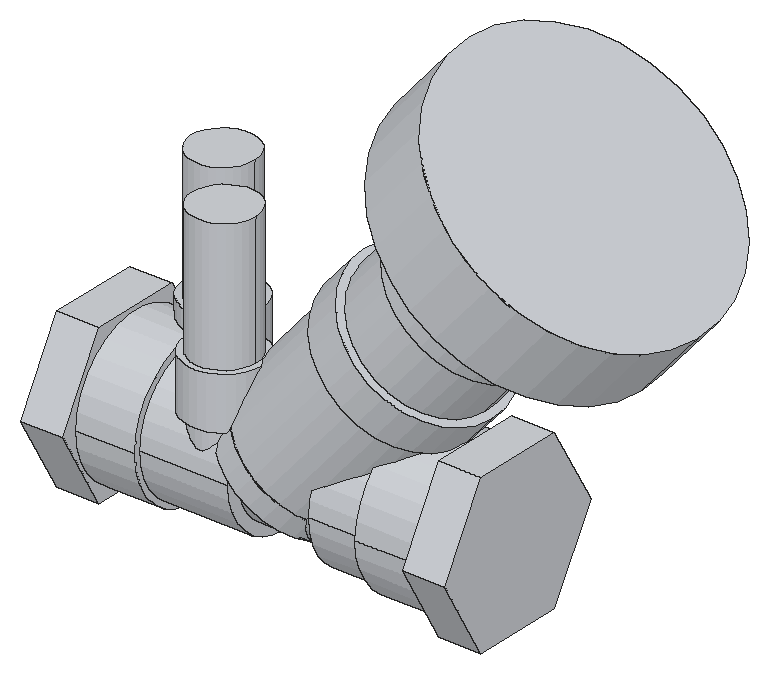
Revit family "D9515-DN25-RFA_2018", category Pipe Accessories, Revit 2018
Family settings
  Round Connector Dimension = Use Diameter
  Part Type = Valve - Breaks Into
  Work Plane-Based = No
  Always vertical = Yes
  Cut with Voids When Loaded = No
  Shared = No
Parameters (values of type "D9515 DN25")
  magiProductId = "e8aaae3d88cc438088acb51c2ae749"
  magiProductFamilyId = "2231140663314cd0b01ba8939d6b11"
  magiPartTypeId = 304
  isMeasuringValve [instance] = no
  ang2D [instance] = 0.00°
  W2D = 15 mm
  W21 = 8.25 mm
  VersionID = "2.0/2017.10.31.1/VIR_9515_001"
  Use Minimum Symbol Size [instance] = yes
  URL = "www.hydronix.cz"
  Type Comments = "Ruční vyvažovací ventil s měřením na cloně; PN25; -10~+130°C; (měřicí vsuvky -10~+120°C)"
  RN2 = 21.45 mm
  RN = 21.45 mm
  R7 = 9 mm
  R6 = 7.5 mm
  R3 = 17.875 mm
  R2 = 16.5 mm
  R14 = 20 mm
  R13 = 17.875 mm
  R12 = 19.663 mm
  R11 = 17.875 mm
  R1 = 13.75 mm
  QmdConnectorList = "301;D;302;D"
  Productdata [instance] = ""
  NUT1 = no
  Manufacturer = "Hydronix"
  MC Product Code = "9515 025 (DN25, PN25; kvs6,24; kvc9,72)"
  MC Piping Given Pressure Drop [instance] = 0.0 Pa
  L_2 = 50 mm
  L5 = 2 mm
  L4__ve = -L4  # -21 mm
  L4 = 21 mm
  L3 = 12 mm
  L2__ve = -L2  # -14 mm
  L2D_Min = 3048 mm
  L2D = 87.8 mm
  L22 = 21 mm
  L21 = 7.5 mm
  L2 = 14 mm
  L1__ve = -L1  # -10 mm
  L1 = 10 mm
  HWR = 35 mm
  H24 = 30.9 mm
  H23 = 12.36 mm
  H22 = 9.975 mm
  H21 = 9.875 mm
  H15 = 20 mm
  H14 = 17.088 mm
  H13 = 9 mm
  H12 = 10 mm
  H11 = 32 mm
  H10 = 6 mm
  Description = "Ruční vyvažovací ventil s měřením na cloně; PN25"
  D = 25 mm
  CenSd_RN_6 = RN * cos(30.00°)  # 18.576 mm
  CenSd_RN2_6 = RN2 * cos(30.00°)  # 18.576 mm
  CAT0 = yes
Types (6, lengths in mm): name | magiProductId | W21 | RN2 | RN | R3 | R2 | R13 | R12 | R11 | R1 | MC Product Code | L_2 | L3 | L2__ve | L2 | L1__ve | L1 | H24 | H23 | H22 | H21 | H14 | H12 | H10 | D | CenSd_RN_6 | CenSd_RN2_6
  D9515 DN15 | "17cbc467cde14417a5a74aa240a316" | 6.75 | 17.55 | 17.55 | 14.625 | 13.5 | 14.625 | 16.087 | 14.625 | 11.25 | "9515 015 (DN15, PN25; kvs1,92; kvc2,80)" | 43.9 | 10 | -12 | 12 | -8 | 8 | 30.9 | 12.36 | 6.725 | 6.625 | 19.088 | 10 | 4 | 15 | 15.199 | 15.199
  D9515 DN20 | "db511cd39f454f418d6e49e6ac0c56" | 7.5 | 19.5 | 19.5 | 16.25 | 15 | 16.25 | 17.875 | 16.25 | 12.5 | "9515 020 (DN20, PN25; kvs3,67; kvc5,33)" | 47.95 | 10 | -12 | 12 | -9 | 9 | 30.9 | 12.36 | 8.35 | 8.25 | 18.088 | 10 | 5 | 20 | 16.887 | 16.887
  D9515 DN25 | "e8aaae3d88cc438088acb51c2ae749" | 8.25 | 21.45 | 21.45 | 17.875 | 16.5 | 17.875 | 19.663 | 17.875 | 13.75 | "9515 025 (DN25, PN25; kvs6,24; kvc9,72)" | 50 | 12 | -14 | 14 | -10 | 10 | 30.9 | 12.36 | 9.975 | 9.875 | 17.088 | 10 | 6 | 25 | 18.576 | 18.576
  D9515 DN32 | "dc2d0354abae4200a8eaff76faf524" | 9.3 | 20.4 | 24.18 | 20.15 | 18.6 | 17 | 22.165 | 20.15 | 15.5 | "9515 032 (DN32, PN25; kvs12,54; kvc20,25)" | 58.75 | 13 | -15 | 15 | -11.4 | 11.4 | 36.9 | 14.76 | 12.25 | 12.15 | 37.197 | 15 | 7 | 32 | 20.94 | 17.667
  D9515 DN40 | "9b6b6dd7761a428fa780a8a57ab3c3" | 10.5 | 20.4 | 27.3 | 22.75 | 21 | 17 | 25.025 | 22.75 | 17.5 | "9515 040 (DN40, PN25; kvs19,59; kvc30,23)" | 63.5 | 14 | -16 | 16 | -13 | 13 | 37.5 | 15 | 14.85 | 14.75 | 38.807 | 15 | 8 | 40 | 23.642 | 17.667
  D9515 DN50 | "6b5b9dd02a164b53a7f96efb176f34" | 12 | 20.4 | 31.2 | 26 | 24 | 17 | 28.6 | 26 | 20 | "9515 050 (DN50, PN25; kvs29,72; kvc55,07)" | 72.65 | 15 | -17 | 17 | -15 | 15 | 40.8 | 16.32 | 18.1 | 18 | 51.167 | 15 | 10 | 50 | 27.02 | 17.667
Reference planes
  plane 1 "Center (Front/Back)": y = 0
  plane 2 "XYPLANE": z = 0
  plane 3 "Center (Left/Right)": x = 0
  plane 4 "329": through (-572.677, 0, 486.687) normal (0.6428, 0, 0.766)
  plane 5 "328": y = -8.25
  plane 6 "327": y = 8.25
  plane 7 "312": through (-552.107, 0, 511.2) normal (0.6428, 0, 0.766)
  plane 8 "176": z = 22.235
  plane 9 "173": z = 9.975
  plane 10 "163": x = -2
  plane 11 "158": x = 14
  plane 12 "157": x = 26
  plane 13 "154": x = -5
  plane 14 "83": z = 22.335
  plane 15 "76": x = -26
  plane 16 "73": z = 9.875
  plane 17 "70": z = 0
  plane 18 "69": y = 0
  plane 19 "68": x = -12.5
  plane 20 "60": through (-521.84, 0, 547.272) normal (0.6428, 0, 0.766)
  plane 21 "57": through (-534.695, 0, 531.951) normal (0.6428, 0, 0.766)
  plane 22 "54": through (-545.68, 0, 518.861) normal (0.6428, 0, 0.766)
  plane 23 "32": through (-576.533, 0, 482.091) normal (0.6428, 0, 0.766)
  plane 24 "31": y = 0
  plane 25 "30": through (480.091, 0, 574.533) normal (0.766, 0, -0.6428)
  plane 26 "21": x = -26
  plane 27 "20": x = 40
  plane 28 "19": x = -40
  plane 29 "13": x = 0
  plane 30 "11": x = 50
  plane 31 "10": x = -50
  plane 32 "9": y = 0
  plane 33 "8": z = 0
  plane 34 "65XY": z = 0
  plane 35 "65XZ": y = 0
  plane 36 "65YZ": x = -2.9
  plane 37 "27XY": through (-576.533, 0, 482.091) normal (0.6428, 0, 0.766)
  plane 38 "27XZ": y = 0
  plane 39 "27YZ": through (480.091, 0, 574.533) normal (0.766, 0, -0.6428)
Forms (mm)
  Extrusion 1, solid, visible <- "CAT0"
    sketch origin (-576.533, 0, 482.091) x (0.766044, 0, -0.642788) y (0, 1, 0)
      loop
        circle (750, 0) r 17.875
    from 0 to 6 <- "H10"
  Extrusion 2, solid
    sketch origin (26, -750, 0) x (0, 1, 0) y (0, 0, 1)
      loop
        circle (750, 0) r 17.875
    from 0 to 14 <- "L2"
  Extrusion 3, solid
    sketch origin (14, -750, 0) x (0, 1, 0) y (0, 0, 1)
      loop
        circle (750, 0) r 16.5
    from 0 to 12 <- "L3"
  Extrusion 4, solid
    sketch origin (-26, -750, 0) x (0, 1, 0) y (0, 0, 1)
      loop
        circle (750, 0) r 17.875
    from 0 to -14 <- "L2__ve"
  Extrusion 5, solid
    sketch origin (-5, -750, 0) x (0, 1, 0) y (0, 0, 1)
      loop
        circle (750, 0) r 16.5
    from 0 to -21 <- "L4__ve"
  Extrusion 6, solid
    sketch origin (-572.677, 0, 486.687) x (0.766044, 0, -0.642788) y (0, 1, 0)
      loop
        circle (750, 0) r 17.875
    from 0 to 32 <- "H11"
  Extrusion 7, solid
    sketch origin (-2.9, 750, 22.235) x (0, -1, 0) y (1, 0, 0)
      loop
        circle (741.75, -23.1) r 7.5
    from 0 to 30.9 <- "H24"
  Extrusion 8, solid
    sketch origin (-2.9, 750, 9.875) x (0, -1, 0) y (1, 0, 0)
      loop
        circle (741.75, -23.1) r 9
    from 0 to 12.36 <- "H23"
  Extrusion 9, solid
    sketch origin (-545.68, 0, 518.861) x (0.766044, 0, -0.642788) y (0, 1, 0)
      loop
        circle (750, 0) r 17.875
    from 0 to 17.088 <- "H14"
  Extrusion 10, solid, visible <- "NUT1"
    sketch origin (-545.68, 0, 518.861) x (0.766044, 0, -0.642788) y (0, 1, 0)
      loop
        line (750, 21.45) -> (731.424, 10.725) -> (731.424, -10.725) -> (750, -21.45) -> (768.576, -10.725) -> (768.576, 10.725) -> (750, 21.45)
    from 0 to 9 <- "H13"
  Blend 11, solid
    base sketch origin (-5, -750, 0) x (0, 1, 0) y (0, 0, 1)
      loop
        circle (750, 0) r 13.75
    top sketch origin (-5, -750, 0) x (0, 1, 0) y (0, 0, 1)
      loop
        circle (750, 0) r 13.75
    from 0 to 19
  Extrusion 12, solid
    sketch origin (-2.9, 750, 0) x (0, -1, 0) y (1, 0, 0)
      loop
        circle (758.25, -9.6) r 7.5
    from 0 to 9.975 <- "H22"
  Extrusion 13, solid
    sketch origin (-2.9, 750, 22.335) x (0, -1, 0) y (1, 0, 0)
      loop
        circle (758.25, -9.6) r 7.5
    from 0 to 30.9 <- "H24"
  Extrusion 14, solid
    sketch origin (-2.9, 750, 0) x (0, -1, 0) y (1, 0, 0)
      loop
        circle (741.75, -23.1) r 7.5
    from 0 to 9.875 <- "H21"
  Extrusion 15, solid
    sketch origin (-2.9, 750, 9.975) x (0, -1, 0) y (1, 0, 0)
      loop
        circle (758.25, -9.6) r 9
    from 0 to 12.36 <- "H23"
  Extrusion 16, solid, visible <- "CAT0"
    sketch origin (-521.84, 0, 547.272) x (0.766044, 0, -0.642788) y (0, 1, 0)
      loop
        circle (750, 0) r 35
    from 0 to 20 <- "H15"
  Extrusion 17, solid
    sketch origin (-534.695, 0, 531.951) x (0.766044, 0, -0.642788) y (0, 1, 0)
      loop
        circle (750, 0) r 20
    from 0 to 20 <- "H15"
  Extrusion 18, solid
    sketch origin (-552.107, 0, 511.2) x (0.766044, 0, -0.642788) y (0, 1, 0)
      loop
        circle (750, 0) r 19.663
    from 0 to 10 <- "H12"
  Extrusion 19, solid
    sketch origin (50, -750, 0) x (0, 1, 0) y (0, 0, 1)
      loop
        line (728.55, 0) -> (739.275, -18.576) -> (760.725, -18.576) -> (771.45, 0) -> (760.725, 18.576) -> (739.275, 18.576) -> (728.55, 0)
    from 0 to -10 <- "L1__ve"
  Extrusion 20, solid
    sketch origin (-50, -750, 0) x (0, 1, 0) y (0, 0, 1)
      loop
        line (771.45, 0) -> (760.725, 18.576) -> (739.275, 18.576) -> (728.55, 0) -> (739.275, -18.576) -> (760.725, -18.576) -> (771.45, 0)
    from 0 to 10 <- "L1"
  Extrusion 21, solid, not visible
    sketch origin (50, -750, 0) x (0, 1, 0) y (0, 0, 1)
      loop
        circle (750, 0) r 11.5
    from 0 to -10
  Extrusion 22, solid, not visible
    sketch origin (-50, -750, 0) x (0, 1, 0) y (0, 0, 1)
      loop
        circle (750, 0) r 11.5
    from 0 to 10
Lines and regions (mm)
  reference lines, not visible
    curve 1: circle (2, 2, 0) r 1 normal (0, 0, 1)
  reference lines
    curve 2: line (28.854, 0, 36.77) -> (34.675, -4.387, 31.885)
    curve 3: line (28.854, 0, 36.77) -> (28.854, -8.775, 36.77)
    curve 4: line (28.854, 0, 36.77) -> (23.032, -4.387, 41.655)
    curve 5: line (50, 0, 0) -> (50, 4.387, -7.599)
    curve 6: line (50, 0, 0) -> (50, 8.775, 0)
    curve 7: line (50, 0, 0) -> (50, 4.387, 7.599)
    curve 8: line (-50, 0, 0) -> (-50, -4.387, -7.599)
    curve 9: line (-50, 0, 0) -> (-50, -8.775, 0)
    curve 10: line (-50, 0, 0) -> (-50, -4.387, 7.599)
Dimensions and locks
  plane 1 "Center (Front/Back)" to curve 1 = 2 mm
  "H10": plane 23 "32" to plane 4 "329"
  "W21": plane 18 "69" to plane 5 "328"
  "W21": plane 18 "69" to plane 6 "327"
  "H11": plane 4 "329" to plane 7 "312"
  "H23": plane 16 "73" to plane 8 "176"
  "H22": plane 17 "70" to plane 9 "173"
  "L5": plane 29 "13" to plane 10 "163"
  "L3": plane 12 "157" to plane 11 "158"
  "L2": plane 27 "20" to plane 12 "157"
  "L4": plane 26 "21" to plane 13 "154"
  "H23": plane 9 "173" to plane 14 "83"
  "L22": plane 13 "154" to plane 15 "76"
  "H21": plane 17 "70" to plane 16 "73"
  locked: plane 33 "8" to plane 17 "70"
  locked: plane 32 "9" to plane 18 "69"
  "L21": plane 13 "154" to plane 19 "68"
  "H15": plane 21 "57" to plane 20 "60"
  "H14": plane 22 "54" to plane 21 "57"
  "H12": plane 7 "312" to plane 22 "54"
  locked: plane 37 "27XY" to plane 23 "32"
  locked: plane 32 "9" to plane 24 "31"
  locked: plane 39 "27YZ" to plane 25 "30"
  "L2": plane 28 "19" to plane 26 "21"
  "L1": plane 30 "11" to plane 27 "20"
  "L1": plane 31 "10" to plane 28 "19"
  locked: plane 3 "Center (Left/Right)" to plane 29 "13"
  "L_2": plane 3 "Center (Left/Right)" to plane 30 "11"
  "L_2": plane 3 "Center (Left/Right)" to plane 31 "10"
  locked: plane 1 "Center (Front/Back)" to plane 32 "9"
  locked: plane 2 "XYPLANE" to plane 33 "8"
  "CenSd_RN2_6": curve 2 to Extrusion 10 sketch curve  (x2)
  "CenSd_RN2_6": curve 3 to Extrusion 10 sketch curve  (x2)
  "CenSd_RN2_6": curve 4 to Extrusion 10 sketch curve  (x2)
  Extrusion 10 sketch curve to Extrusion 10 sketch curve = 0 mm  (x12)
  "CenSd_RN_6": curve 5 to Extrusion 19 sketch curve  (x2)
  "CenSd_RN_6": curve 6 to Extrusion 19 sketch curve  (x2)
  "CenSd_RN_6": curve 7 to Extrusion 19 sketch curve  (x2)
  Extrusion 19 sketch curve to Extrusion 19 sketch curve = 0 mm  (x12)
  "CenSd_RN_6": curve 8 to Extrusion 20 sketch curve  (x2)
  "CenSd_RN_6": curve 9 to Extrusion 20 sketch curve  (x2)
  "CenSd_RN_6": curve 10 to Extrusion 20 sketch curve  (x2)
  Extrusion 20 sketch curve to Extrusion 20 sketch curve = 0 mm  (x12)
  "R11": radius of Extrusion 1 sketch curve
  "R3": radius of Extrusion 2 sketch curve
  "R2": radius of Extrusion 3 sketch curve
  "R3": radius of Extrusion 4 sketch curve
  "R2": radius of Extrusion 5 sketch curve
  "R11": radius of Extrusion 6 sketch curve
  "R6": radius of Extrusion 7 sketch curve
  "R7": radius of Extrusion 8 sketch curve
  "R13": radius of Extrusion 9 sketch curve
  "R1": radius of Blend 11 sketch curve  (x2)
  "R6": radius of Extrusion 12 sketch curve
  "R6": radius of Extrusion 13 sketch curve
  "R6": radius of Extrusion 14 sketch curve
  "R7": radius of Extrusion 15 sketch curve
  "HWR": radius of Extrusion 16 sketch curve
  "R14": radius of Extrusion 17 sketch curve
  "R12": radius of Extrusion 18 sketch curve
  locked: curve 3 to curve 2 (angle 60.00°)
  locked: curve 4 to curve 3 (angle 60.00°)
  locked: curve 4 to curve 2 (angle 120.00°)
  locked: curve 6 to curve 5 (angle 60.00°)
  locked: curve 7 to curve 6 (angle 60.00°)
  locked: curve 7 to curve 5 (angle 120.00°)
  locked: curve 9 to curve 8 (angle 60.00°)
  locked: curve 10 to curve 9 (angle 60.00°)
  locked: curve 10 to curve 8 (angle 120.00°)
  aligned and locked: level to plane 2 "XYPLANE"
  aligned and locked: plane 24 "31" to Extrusion 1 sketch curve
  aligned and locked: Extrusion 1 sketch curve to plane 25 "30"
  aligned and locked: Extrusion 2 sketch curve to plane 32 "9"
  aligned and locked: plane 33 "8" to Extrusion 2 sketch curve
  aligned and locked: Extrusion 3 sketch curve to plane 32 "9"
  aligned and locked: plane 33 "8" to Extrusion 3 sketch curve
  aligned and locked: Extrusion 4 sketch curve to plane 32 "9"
  aligned and locked: plane 33 "8" to Extrusion 4 sketch curve
  aligned and locked: Extrusion 5 sketch curve to plane 32 "9"
  aligned and locked: plane 33 "8" to Extrusion 5 sketch curve
  aligned and locked: plane 24 "31" to Extrusion 6 sketch curve
  aligned and locked: Extrusion 6 sketch curve to plane 25 "30"
  aligned and locked: plane 6 "327" to Extrusion 7 sketch curve
  aligned and locked: plane 15 "76" to Extrusion 7 sketch curve
  aligned and locked: plane 6 "327" to Extrusion 8 sketch curve
  aligned and locked: plane 15 "76" to Extrusion 8 sketch curve
  aligned and locked: plane 24 "31" to Extrusion 9 sketch curve
  aligned and locked: Extrusion 9 sketch curve to plane 25 "30"
  aligned and locked: curve 2 to plane 25 "30"
  aligned and locked: plane 24 "31" to curve 3
  aligned and locked: Blend 11 sketch curve to plane 32 "9"  (x2)
  aligned and locked: plane 33 "8" to Blend 11 sketch curve  (x2)
  aligned and locked: plane 11 "158" to Blend 11
  aligned and locked: plane 5 "328" to Extrusion 12 sketch curve
  aligned and locked: plane 19 "68" to Extrusion 12 sketch curve
  aligned and locked: plane 5 "328" to Extrusion 13 sketch curve
  aligned and locked: plane 19 "68" to Extrusion 13 sketch curve
  aligned and locked: plane 6 "327" to Extrusion 14 sketch curve
  aligned and locked: plane 15 "76" to Extrusion 14 sketch curve
  aligned and locked: plane 5 "328" to Extrusion 15 sketch curve
  aligned and locked: plane 19 "68" to Extrusion 15 sketch curve
  aligned and locked: plane 24 "31" to Extrusion 16 sketch curve
  aligned and locked: Extrusion 16 sketch curve to plane 25 "30"
  aligned and locked: plane 24 "31" to Extrusion 17 sketch curve
  aligned and locked: Extrusion 17 sketch curve to plane 25 "30"
  aligned and locked: plane 24 "31" to Extrusion 18 sketch curve
  aligned and locked: Extrusion 18 sketch curve to plane 25 "30"
  aligned and locked: curve 7 to plane 32 "9"
  aligned and locked: plane 33 "8" to curve 7
  aligned and locked: curve 10 to plane 32 "9"
  aligned and locked: plane 33 "8" to curve 10
  aligned and locked: Extrusion 21 sketch curve to plane 32 "9"
  aligned and locked: plane 33 "8" to Extrusion 21 sketch curve
  aligned and locked: Extrusion 22 sketch curve to plane 32 "9"
  aligned and locked: plane 33 "8" to Extrusion 22 sketch curve
Automatic sketch dimensions
  Extrusion 21 sketch curve to plane 5 "328" = 3.25 mm
  Extrusion 22 sketch curve to plane 5 "328" = 3.25 mm
  plane 3 "Center (Left/Right)" to curve 1 = 2 mm
  radius of curve 1 = 1 mm
Connectors
  piping at (-50, 0, 0), diameter 25, driven by "D"
    settings: on Extrusion 22, index 1, connector inside diameter 609.6 mm, connector length 0 mm, flow factor 0, pipe flow 0.0 L/s, pressure drop 0.0 Pa, fitting loss kfactor 0, connector angle 0.00°, fixture units 0, engagement length 0 mm, angle of deflection 0.00°, flow configuration 0, flow direction 0, fitting loss method 0, system type 29, joint type 0, gender type 0, connector reference index 2, connector utility 0, adjustable connector no, is connector primary yes, connector description ""
  piping at (50, 0, 0), diameter 25, driven by "D"
    settings: on Extrusion 21, index 2, connector inside diameter 609.6 mm, connector length 0 mm, flow factor 0, pipe flow 0.0 L/s, pressure drop 0.0 Pa, fitting loss kfactor 0, connector angle 0.00°, fixture units 0, engagement length 0 mm, angle of deflection 0.00°, flow configuration 0, flow direction 0, fitting loss method 0, system type 29, joint type 0, gender type 0, connector reference index 1, connector utility 0, adjustable connector no, is connector primary no, connector description ""
